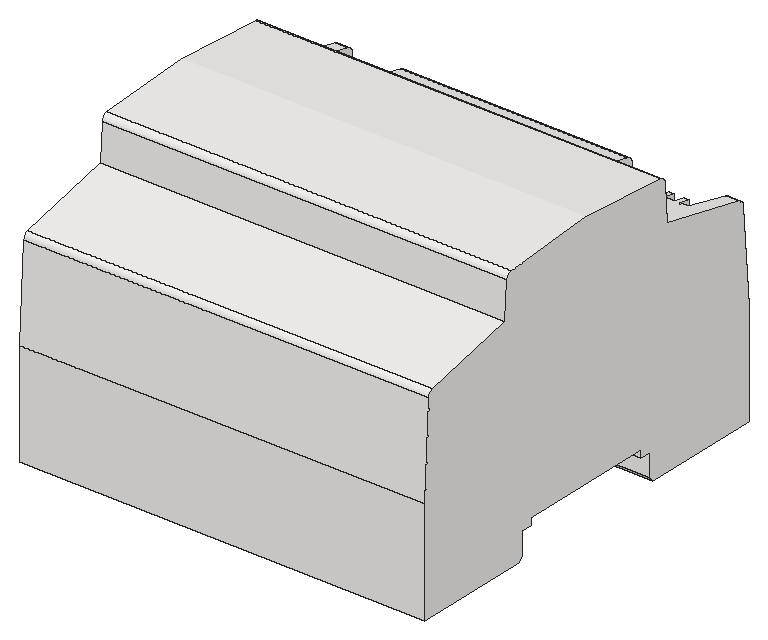
Revit family "Control_Unit-Lutron-QSPS-DH-1-75-H", category Lighting Devices, host Face, Revit 2017
Family settings
  Host = Face
  Maintain Annotation Orientation = Yes
  Round Connector Dimension = Use Radius
  Part Type = Normal
  OmniClass Number = 23.85.80.11
  OmniClass Title = Building Controls
  Cut with Voids When Loaded = No
  Shared = No
  Room Calculation Point = No
Parameters (values of type "QSPS-DH-1-75-H")
  Warranty URL = "http://www.lutron.com/en-US/Service-Support/Pages/Service/Warranty/Warranty.aspx"
  Voltage = 100 V
  Video Link = "https://www.youtube.com/user/LutronElectronicsInc"
  Version = "2017 - v1.0a"  # constant formula
  Type Comments = ""
  Support Phone = "(224) 699-9545"  # constant formula
  Support Email = "mailto: support@anguleris.com"
  Product Page URL = "http://www.lutron.com/en-US/Products/Pages/WholeHomeSystems/Homeworks/Overview.aspx"
  Product Name = "QSPS-DH-1-75-H Power Supply with Wire Harness"
  Product Documentation Link = "http://www.lutron.com/TechnicalDocumentLibrary/369885_ENG_WEB.pdf"
  Performance URL = "http://www.lutron.com/en-US/Service-Support/Pages/Technical/PerfomanceSpecs.aspx?syst=Whole+Home+Systems&prodn=HomeWorks"
  Overall Width = 0' - 3 69/128"  # constant formula
  Overall Height = 0' - 3 69/128"  # constant formula
  Operating Voltage = "100 V~ to 277 V~ 50/60 Hz"
  URL = "http://www.lutron.com"
  Series = "HomeWorks"
  Overall Depth = 0' - 2 51/128"  # constant formula
  Number of Poles = 1
  Model = "QSPS-DH-1-75-H"
  Minimum Operating Temperature = 32 °F
  Maximum Operating Temperature = 131 °F
  Material = ""
  Manufacturer Phone Number = "610-282-3800"  # constant formula
  Manufacturer Fax Number = "610-282-1243"  # constant formula
  Manufacturer Email = "mailto:support@lutron.com"
  Manufacturer Address = "7200 Suter Rd, Coopersburg, PA 18036"  # constant formula
  Manufacturer = "Lutron Electronics Co., Inc"  # constant formula
  Load Classification = Other
  Keynote = ""
  Instruction Sheet Link = "http://www.lutron.com/TechnicalDocumentLibrary/037260_ENG_WEB.pdf"
  Finish = Plastic - Lutron - White - Matte
  Description = "The HomeWorks® QS Power Supply provides power to the HomeWorks® QS processor as well as system devices and interfaces."
  Default Elevation = 4' - 0"
  Current = 1.3 A
  Cost Info = "mailto:sales@lutron.com"
  Cost = 0
  Copyright = "© 2020 Lutron Electronics Co., Inc."  # constant formula
  Assembly Code = "D5020200"
  Apparent Power = Voltage * Current  # 130 VA
Reference planes (in)
  plane 1 "Center (Front/Back)": y = 0
  plane 2: z = 0
  plane 3 "Center (Left/Right)": x = 0
  plane 4: z = 2.39844
  plane 5 "Right": x = 1.76953
  plane 6 "Left": x = -1.76953
  plane 7: y = 1.76953
  plane 8: y = -1.76953
  plane 9: z = 0.27
Forms (in)
  Extrusion 1, solid, material "Plastic - Lutron - White - Matte" <- "Finish"
    sketch origin (1.76953, 0, 0) x (0, -1, 0) y (0, 0, 1)
      loop
        line (1.76953, 0) -> (1.76953, 0.90967) -> (1.72666, 1.72376)
        arc (1.72666, 1.72376) -> (1.714, 1.75675) -> (1.68436, 1.776) r 0.0572
        arc (1.68436, 1.776) -> (1.28833, 1.87415) -> (0.88885, 1.95714) r 10.70533
        line (0.88885, 1.95714) -> (0.87166, 2.2727)
        arc (0.87166, 2.2727) -> (0.85641, 2.30905) -> (0.82158, 2.32754) r 0.05866
        arc (0.82158, 2.32754) -> (0.00728, 2.38683) -> (-0.80703, 2.32755) r 5.62254
        arc (-0.80703, 2.32755) -> (-0.84206, 2.30908) -> (-0.85769, 2.2727) r 0.05938
        line (-0.85769, 2.2727) -> (-0.87403, 1.95723)
        arc (-0.87403, 1.95723) -> (-1.27365, 1.87421) -> (-1.6698, 1.776) r 10.68743
        arc (-1.6698, 1.776) -> (-1.69943, 1.75675) -> (-1.71209, 1.72376) r 0.05718
        line (-1.71209, 1.72376) -> (-1.76953, 0.90307) -> (-1.76953, 0) -> (-0.72813, 0) -> (-0.68991, 0.03816) -> (-0.68991, 0.23402) -> (-0.59575, 0.23402) -> (-0.59575, 0.29641) -> (0.61026, 0.29641) -> (0.61026, 0.23402) -> (0.70446, 0.23402) -> (0.70446, 0.03762) -> (0.74208, 0) -> (1.76953, 0)
    from 0 to 3.53906
  Extrusion 2, void
    sketch origin (0, 0, 0) x (1, 0, 0) y (0, 1, 0)
      loop
        line (-1.65177, 1.76953) -> (-1.65177, 1.25909) -> (-1.57992, 1.25909) -> (-1.57992, 1.35676) -> (-1.5348, 1.35675) -> (-1.5348, 1.25909) -> (-1.44994, 1.25909) -> (-1.44994, 1.35675) -> (-1.40547, 1.35675) -> (-1.40547, 1.25909) -> (-1.32044, 1.25909) -> (-1.32044, 1.35675) -> (-1.27597, 1.35675) -> (-1.27597, 1.25909) -> (-1.18833, 1.25909) -> (-1.18833, 1.76953) -> (-1.65177, 1.76953)
      loop
        line (0.79599, 1.76953) -> (0.79599, 1.25909) -> (0.88274, 1.25909) -> (0.88275, 1.35676) -> (0.92786, 1.35675) -> (0.92786, 1.25909) -> (1.01272, 1.25909) -> (1.01272, 1.35675) -> (1.05719, 1.35675) -> (1.05719, 1.25909) -> (1.14222, 1.25909) -> (1.14222, 1.35675) -> (1.18669, 1.35675) -> (1.18669, 1.25909) -> (1.27232, 1.25909) -> (1.27232, 1.35675) -> (1.31743, 1.35674) -> (1.31743, 1.25909) -> (1.40229, 1.25909) -> (1.40229, 1.35674) -> (1.44676, 1.35674) -> (1.44676, 1.25909) -> (1.53179, 1.25909) -> (1.53179, 1.35674) -> (1.57626, 1.35674) -> (1.57626, 1.25909) -> (1.65314, 1.25909) -> (1.65314, 1.76953) -> (0.79599, 1.76953)
    from 0.3125 to 2.39844
Cuts and joins
  Extrusion 2 cuts Extrusion 1
Lines and regions (in)
  Masking region 1
    outline origin (0, 0, 0) x (1, 0, 0) y (0, 0, 1)
      loop
        line (-1.76953, 2.39844) -> (-1.76953, 0) -> (1.76953, 0) -> (1.76953, 2.39844) -> (-1.76953, 2.39844)
  symbolic lines, detail levels medium+fine
    curve 1: line (1.76953, 0, 2.2727) -> (-1.76953, 0, 2.2727)
    curve 2: line (1.76953, 0, 1.95714) -> (-1.76953, 0, 1.95714)
    curve 3: line (1.76953, 0, 1.72376) -> (1.65314, 0, 1.72376)
    curve 4: line (0.79599, 0, 1.72376) -> (-1.18833, 0, 1.72376)
    curve 5: line (-1.65177, 0, 1.72376) -> (-1.76953, 0, 1.72376)
    curve 6: line (1.76953, 0, 0.90307) -> (1.65314, 0, 0.90307)
    curve 7: line (0.79599, 0, 0.90307) -> (-1.18833, 0, 0.90307)
    curve 8: line (-1.65177, 0, 0.90307) -> (-1.76953, 0, 0.90307)
    curve 9: line (1.65314, 0, 0.3125) -> (0.79599, 0, 0.3125)
    curve 10: line (1.65314, 0, 1.87752) -> (1.65314, 0, 0.3125)
    curve 11: line (0.79599, 0, 1.87752) -> (1.65314, 0, 1.87752)
    curve 12: line (0.79599, 0, 0.3125) -> (0.79599, 0, 1.87752)
    curve 13: line (-1.18833, 0, 0.3125) -> (-1.65177, 0, 0.3125)
    curve 14: line (-1.18833, 0, 1.87752) -> (-1.18833, 0, 0.3125)
    curve 15: line (-1.65177, 0, 1.87752) -> (-1.18833, 0, 1.87752)
    curve 16: line (-1.65177, 0, 0.3125) -> (-1.65177, 0, 1.87752)
Dimensions and locks (in)
  locked: plane 4 to plane 2 at 2.39844
  equal spacing: plane 6 "Left", plane 3 "Center (Left/Right)", plane 5 "Right"
  locked: plane 6 "Left" to plane 5 "Right" at 3.53906
  equal spacing: plane 7, plane 1 "Center (Front/Back)", plane 8
  locked: plane 9 to plane 2 at 0.27
  locked: plane 7 to plane 8 at 3.53906
  locked: host sketch curve to plane 3 "Center (Left/Right)" at 48  (x12)
  locked: host sketch curve to plane 1 "Center (Front/Back)" at 48  (x12)
  locked: Extrusion 1 sketch curve to plane 3 "Center (Left/Right)" at 1.76953  (x144)
  locked: Extrusion 1 sketch curve to plane 1 "Center (Front/Back)" at 0.70446  (x6)
  locked: Extrusion 1 sketch curve to plane 1 "Center (Front/Back)" at 0.61026  (x6)
  locked: Extrusion 1 sketch curve to plane 1 "Center (Front/Back)" at 0.59575  (x6)
  locked: Extrusion 1 sketch curve to plane 1 "Center (Front/Back)" at 0.68991  (x6)
  locked: Extrusion 1 sketch curve to plane 1 "Center (Front/Back)" at 1.76953  (x12)
  locked: Extrusion 1 sketch curve to plane 1 "Center (Front/Back)" at 1.71209  (x2)
  locked: Extrusion 1 sketch curve to plane 1 "Center (Front/Back)" at 1.6698  (x4)
  locked: Extrusion 1 sketch curve to plane 1 "Center (Front/Back)" at 0.87403  (x2)
  locked: Extrusion 1 sketch curve to plane 1 "Center (Front/Back)" at 0.80703  (x4)
  locked: Extrusion 1 sketch curve to plane 1 "Center (Front/Back)" at 0.85769  (x2)
  locked: Extrusion 1 sketch curve to plane 1 "Center (Front/Back)" at 0.82158  (x4)
  locked: Extrusion 1 sketch curve to plane 1 "Center (Front/Back)" at 0.87166  (x2)
  locked: Extrusion 1 sketch curve to plane 1 "Center (Front/Back)" at 0.88885  (x2)
  locked: Extrusion 1 sketch curve to plane 1 "Center (Front/Back)" at 1.68436  (x4)
  locked: Extrusion 1 sketch curve to plane 1 "Center (Front/Back)" at 1.72666  (x2)
  locked: Extrusion 1 sketch curve to level at 0.23402  (x12)
  locked: Extrusion 1 sketch curve to level at 0.29641  (x6)
  locked: Extrusion 1 sketch curve to level at 1.72376  (x4)
  locked: Extrusion 1 sketch curve to level at 1.776  (x8)
  locked: Extrusion 1 sketch curve to level at 1.95723  (x2)
  locked: Extrusion 1 sketch curve to level at 2.32755  (x4)
  locked: Extrusion 1 sketch curve to level at 2.2727  (x4)
  locked: Extrusion 1 sketch curve to level at 2.32754  (x4)
  locked: Extrusion 1 sketch curve to level at 1.95714  (x2)
  Extrusion 1 sketch curve to plane 1 "Center (Front/Back)" = 0' - 1.5978"
  plane 1 "Center (Front/Back)" to Extrusion 1 sketch curve = 0' - 9.58792"
  Extrusion 1 sketch curve to plane 1 "Center (Front/Back)" = 0' - 0.73905"
  plane 1 "Center (Front/Back)" to Extrusion 1 sketch curve = 0' - 5.61529"
  Extrusion 1 sketch curve to plane 1 "Center (Front/Back)" = 0' - 0.75443"
  plane 1 "Center (Front/Back)" to Extrusion 1 sketch curve = 0' - 11.79378"
  Extrusion 1 sketch curve to plane 1 "Center (Front/Back)" = 0' - 1.61234"
  locked: Extrusion 1 sketch curve to level at 1.66359
  locked: level to Extrusion 1 sketch curve at 2.14102
  locked: Extrusion 1 sketch curve to level at 2.20942
  locked: level to Extrusion 1 sketch curve at 2.38683
  locked: Extrusion 1 sketch curve to level at 2.21085
  locked: level to Extrusion 1 sketch curve at 2.14133
  locked: Extrusion 1 sketch curve to level at 1.66355
  aligned and locked: plane 2 to host face
  aligned and locked: level to host face
  aligned and locked: plane 5 "Right" to Masking region 1 sketch curve
  aligned and locked: plane 6 "Left" to Masking region 1 sketch curve
  aligned and locked: Masking region 1 sketch curve to plane 4
  aligned and locked: plane 2 to Masking region 1 sketch curve
  aligned and locked: Extrusion 1 to plane 6 "Left"
  aligned and locked: Extrusion 1 to plane 5 "Right"
  aligned and locked: plane 4 to Extrusion 2
Automatic sketch dimensions
  Extrusion 1 sketch curve to level = 0' - 0"  (x2)
  level to Extrusion 1 sketch curve = 0' - 0.03816"
  Extrusion 1 sketch curve to Extrusion 1 sketch curve = 0' - 0.03822"
  Extrusion 1 sketch curve to Extrusion 1 sketch curve = 0' - 0.03762"
  level to Extrusion 1 sketch curve = 0' - 0.03762"
  plane 9 to Extrusion 1 sketch curve = 0' - 0.63307"
  plane 9 to Extrusion 1 sketch curve = 0' - 0.63967"
  plane 7 to Extrusion 2 sketch curve = 0' - 0"  (x2)
  plane 6 "Left" to Extrusion 2 sketch curve = 0' - 0.11776"
  Extrusion 2 sketch curve to Extrusion 2 sketch curve = 0' - 0.07185"
  Extrusion 2 sketch curve to Extrusion 2 sketch curve = 0' - 0"  (x21)
  Extrusion 2 sketch curve to Extrusion 2 sketch curve = 0' - 0.04512"  (x2)
  Extrusion 2 sketch curve to Extrusion 2 sketch curve = 0' - 0.08485"  (x3)
  Extrusion 2 sketch curve to Extrusion 2 sketch curve = 0' - 0.04448"  (x6)
  Extrusion 2 sketch curve to Extrusion 2 sketch curve = 0' - 0.08502"  (x3)
  Extrusion 2 sketch curve to Extrusion 2 sketch curve = 0' - 0.08764"
  plane 3 "Center (Left/Right)" to Extrusion 2 sketch curve = 0' - 0.79599"
  Extrusion 2 sketch curve to Extrusion 2 sketch curve = 0' - 0.08676"
  plane 7 to Extrusion 2 sketch curve = 0' - 0.41278"  (x2)
  Extrusion 2 sketch curve to Extrusion 2 sketch curve = 0' - 0.08562"
  Extrusion 2 sketch curve to Extrusion 2 sketch curve = 0' - 0.08563"
  Extrusion 2 sketch curve to Extrusion 2 sketch curve = 0' - 0.04511"
  plane 5 "Right" to Extrusion 2 sketch curve = 0' - 0.11639"
  Extrusion 2 sketch curve to Extrusion 2 sketch curve = 0' - 0 25/256"  (x3)
  curve 8 to plane 6 "Left" = 0' - 0"
  curve 1 to plane 6 "Left" = 0' - 0"
  curve 5 to plane 6 "Left" = 0' - 0"
  curve 2 to plane 6 "Left" = 0' - 0"
  plane 5 "Right" to curve 3 = 0' - 0"
  plane 5 "Right" to curve 2 = 0' - 0"
  plane 5 "Right" to curve 1 = 0' - 0"
  plane 5 "Right" to curve 6 = 0' - 0"
  plane 9 to curve 16 = 0' - 0.0425"
  plane 9 to curve 12 = 0' - 0.0425"
  plane 3 "Center (Left/Right)" to curve 12 = 0' - 0.79599"
  plane 5 "Right" to curve 10 = 0' - 0.11639"
  curve 11 to plane 4 = 0' - 0.52092"
  curve 16 to plane 4 = 0' - 0.52092"
  curve 8 to curve 8 = 0' - 0.11776"
  curve 8 to curve 7 = 0' - 0.46344"
  curve 13 to curve 8 = 0' - 0.59057"
  curve 9 to curve 6 = 0' - 0.59057"
  curve 9 to curve 7 = 0' - 0.59057"
  curve 4 to curve 14 = 0' - 0.15376"
  curve 5 to curve 15 = 0' - 0.15376"
  curve 3 to curve 10 = 0' - 0.15376"
  curve 10 to curve 2 = 0' - 0.07962"
  curve 1 to plane 4 = 0' - 0.12574"
Connectors (in)
  electrical at (0, 1.24883, 0)
    settings: on cut or joined group of Extrusion 1, Extrusion 2, index 1, voltage 0 V, apparent load 0 VA, apparent load phase1 0 VA, apparent load phase2 0 VA, apparent load phase3 0 VA, power factor 1, load classification "Other", number of poles 1, system type 13, power factor state 1, is connector primary yes, connector utility no, sub classification motor no, connector description "Controls Connection"
  electrical at (0, -1.25581, 0), driven by "Number of Poles", driven by "Load Classification", driven by "Voltage", driven by "Apparent Power"
    settings: on cut or joined group of Extrusion 1, Extrusion 2, index 2, voltage 100 V, apparent load 0 VA, apparent load phase1 130 VA, apparent load phase2 0 VA, apparent load phase3 0 VA, power factor 1, load classification "Other", number of poles 1, system type 31, power factor state 1, is connector primary no, connector utility no, sub classification motor no, connector description "Power Connection"
